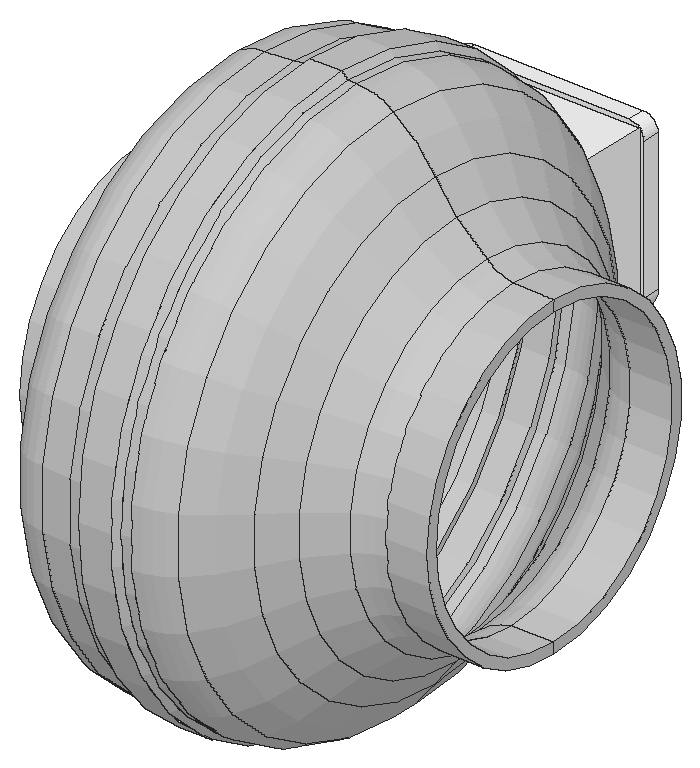
Revit family "CK 150 B EC_7001044", category Mechanical Equipment, Revit 2014
Parameters (values of type "CK 150 B EC")
  Wiring diagram = "4040180"
  Weight = 2.80 kg
  Voltage range = "200-240 / 50/60 V/Hz"
  Voltage = 230 V
  Speed = "3550 rpm"
  Sound pressure level at 3 m = "44 dB(A)"
  Power = 108 W
  Phase = 1
  Max. temperature of transported air when speed controlled = 60 °C
  Max. temperature of transported air = 60 °C
  Main Material = Steel, Galvanized
  Frequency = 50 Hz
  Elevation [instance] = 2735.5 mm
  Diameter = 149 mm
  Current = 0.87 A
  Capacitor = "- μF"
Reference planes
  plane 1 "Center (Front/Back)": y = 0
  plane 2: z = 0
  plane 3 "Center (Left/Right)": x = 0
  plane 4: z = 2735.5
Dimensions and locks
  "Elevation": plane 4 to plane 2
  aligned and locked: level to plane 2
  aligned and locked: plane 1 "Center (Front/Back)" to nested 1
  aligned and locked: plane 3 "Center (Left/Right)" to nested 1
  aligned and locked: plane 1 "Center (Front/Back)" to nested 2
  aligned and locked: plane 3 "Center (Left/Right)" to nested 2
  aligned and locked: nested 1 to plane 4
Nested families
  nested 1: "CK 150 B AC_CK 150 B EC_geometry" at (0, 0, 2600), type "CK 150 B AC_CK 150 B EC_geometry"
  nested 2: "Flow direction symbol" at (0, 0, 0), type "Flow direction symbol"
Connectors
  hvac at (-95.5, 0, 2735.5), driven by "Diameter"
    settings: on nested 1, index 1, duct flow 0.0 L/s, flow factor 0, pres drop 0.0 Pa, loss coef 0, conn angle 0.00°, conn width 304.8 mm, conn height 304.8 mm, conn diameter 149 mm, duct sys type 1, conn prof type 0, flow config 0, flow direction 1, loss method 0, conn ref index -1, conn util no, is conn primary yes, conn desc ""
  hvac at (95.5, 0, 2735.5), driven by "Diameter"
    settings: on nested 1, index 2, duct flow 0.0 L/s, flow factor 0, pres drop 0.0 Pa, loss coef 0, conn angle 0.00°, conn width 304.8 mm, conn height 304.8 mm, conn diameter 149 mm, duct sys type 3, conn prof type 0, flow config 0, flow direction 2, loss method 0, conn ref index -1, conn util no, is conn primary no, conn desc ""
  electrical at (-43.502, 176.31, 2736.259), driven by "Phase", driven by "Voltage"
    settings: on nested 1, index 3, voltage 230 V, apparent load 0 VA, apparent load phase1 0 VA, apparent load phase2 0 VA, apparent load phase3 0 VA, power factor 1, load classification "Other", number of poles 1, system type 31, power factor state 1, is connector primary yes, connector utility no, sub classification motor no, connector description ""
Definition of nested family "CK 150 B AC_CK 150 B EC_geometry"
  Parameters (values of type "CK 150 B AC_CK 150 B EC_geometry")
    Main Material = Steel, Galvanized
  Reference planes
    plane 1 "Center (Front/Back)": y = 0
    plane 2: z = 0
    plane 3 "Center (Left/Right)": x = 0
    plane 4: z = 135.5
    plane 5: y = 176.31
    plane 6: y = 135.5
    plane 7: y = -135.5
    plane 8: x = -95.5
    plane 9: x = 95.5
    plane 10: z = 271
  Forms (mm)
    Revolve 1, solid, material "Steel, Galvanized" <- "Main Material", detail levels medium+fine
      sketch origin (0, 0, 0) x (1, 0, 0) y (0, 0, 1)
        loop
          line (-95.5, 135.5) -> (-95.5, 61) -> (-73.189, 61)
          arc (-73.189, 61) -> (-69.858, 60.044) -> (-67.542, 57.466) r 6.277
          line (-67.542, 57.466) -> (-61.367, 25.696)
          arc (-61.367, 25.696) -> (-55.154, 10.696) -> (-40.154, 4.483) r 21.213
          line (-40.154, 4.483) -> (-26.877, 3.555) -> (-19.319, 2.222) -> (-19.319, 0) -> (-4.319, 0) -> (-1.533, 2.786) -> (3.068, 2.786)
          arc (3.068, 2.786) -> (12.22, 4.236) -> (20.475, 8.447) r 29.588
          arc (20.475, 8.447) -> (31.087, 17.776) -> (39.808, 28.893) r 76.717
          arc (39.808, 28.893) -> (44.627, 35.765) -> (49.961, 42.245) r 108.834
          arc (49.961, 42.245) -> (56.533, 49.014) -> (63.667, 55.189) r 108.834
          arc (63.667, 55.189) -> (69.522, 58.814) -> (76.052, 61) r 29.827
          line (76.052, 61) -> (95.5, 61) -> (95.5, 135.5) -> (-95.5, 135.5)
        axis (95.5, 135.5) -> (-95.5, 135.5)
      angle from 0 to 360
    Extrusion 2, solid, material "Plastic", detail levels medium+fine
      sketch origin (0, 16.648, 13.75) x (1, 0, 0) y (0, 0, 1)
        loop
          line (-4.004, 163.259) -> (-83, 163.259)
          arc (-83, 163.259) -> (-87.95, 161.209) -> (-90, 156.259) r 7
          line (-90, 156.259) -> (-90, 90.259)
          arc (-90, 90.259) -> (-87.071, 83.188) -> (-80, 80.259) r 10
          line (-80, 80.259) -> (-7.004, 80.259)
          arc (-7.004, 80.259) -> (0.067, 83.188) -> (2.996, 90.259) r 10
          line (2.996, 90.259) -> (2.996, 156.259)
          arc (2.996, 156.259) -> (0.945, 161.209) -> (-4.004, 163.259) r 7
      from -159.662 to -151.628
    Extrusion 3, solid, material "Plastic", detail levels medium+fine
      sketch origin (0, 16.648, 13.75) x (0, 1, 0) y (0, 0, 1)
        loop
          line (118.852, 161.259) -> (118.852, 81.741) -> (151.628, 81.741) -> (151.628, 161.259) -> (118.852, 161.259)
      from -88 to 1
    Revolve 4, solid, material "Steel, Galvanized" <- "Main Material", detail levels coarse
      sketch origin (0, 0, 0) x (1, 0, 0) y (0, 0, 1)
        loop
          line (-95.5, 135.5) -> (-95.5, 61) -> (-72.314, 61)
          arc (-72.314, 61) -> (-68.991, 59.866) -> (-67.055, 56.938) r 5.435
          line (-67.055, 56.938) -> (-60.977, 22.47)
          arc (-60.977, 22.47) -> (-53.23, 8.764) -> (-38.588, 2.976) r 23.61
          arc (-38.588, 2.976) -> (-29.109, 2.055) -> (-19.811, 0) r 78.948
          line (-19.811, 0) -> (0, 0)
          arc (0, 0) -> (15.185, 3.614) -> (27.114, 13.682) r 33.709
          arc (27.114, 13.682) -> (41.035, 31.516) -> (55.883, 48.585) r 425.455
          arc (55.883, 48.585) -> (66.479, 56.788) -> (79.199, 61) r 39.718
          line (79.199, 61) -> (95.5, 61) -> (95.5, 135.5) -> (-95.5, 135.5)
        axis (95.5, 135.5) -> (-95.5, 135.5)
      angle from 0 to 360
    Revolve 5, void
      sketch origin (0, 0, 0) x (1, 0, 0) y (0, 0, 1)
        loop
          line (-95.5, 135.5) -> (-95.5, 66) -> (-73.189, 66)
          arc (-73.189, 66) -> (-66.891, 64.078) -> (-62.741, 58.968) r 11.277
          line (-62.741, 58.968) -> (-56.361, 26.146)
          arc (-56.361, 26.146) -> (-51.719, 14.334) -> (-39.991, 9.484) r 16.213
          line (-39.991, 9.484) -> (-26.267, 8.524) -> (-19.319, 7.299) -> (-19.319, 5) -> (-6.39, 5) -> (-1.533, 7.786) -> (3.068, 7.786)
          arc (3.068, 7.786) -> (10.674, 8.991) -> (17.533, 12.49) r 24.588
          arc (17.533, 12.49) -> (27.454, 21.211) -> (35.607, 31.604) r 71.717
          arc (35.607, 31.604) -> (40.647, 38.792) -> (46.226, 45.57) r 113.834
          arc (46.226, 45.57) -> (53.1, 52.65) -> (60.562, 59.108) r 113.834
          arc (60.562, 59.108) -> (67.643, 63.454) -> (75.553, 66) r 34.827
          line (75.553, 66) -> (95.5, 66) -> (95.5, 135.5) -> (-95.5, 135.5)
        axis (95.5, 135.5) -> (-95.5, 135.5)
      angle from 0 to 360
  Cuts and joins
    Revolve 5 cuts Revolve 1
  Dimensions and locks
    aligned and locked: level to plane 2
    aligned and locked: Extrusion 2 to Extrusion 3
Definition of nested family "Flow direction symbol"
  Parameters (values of type "Flow direction symbol")
    Warning = "!"
    Text = "DIMENSIONS OVERCONSTRAINT"
  Reference planes
    plane 1: y = 0
    plane 2: x = 0
  Lines and regions (mm)
    detail lines
      curve 1: line (-0.506, 0.877, 0) -> (-0.506, -0.877, 0)
      curve 2: line (1.012, 0, 0) -> (-0.506, -0.877, 0)
      curve 3: line (-0.506, 0.877, 0) -> (1.012, 0, 0)
      curve 4: circle (0, 0, 0) r 1 normal (0, 0, 1)
